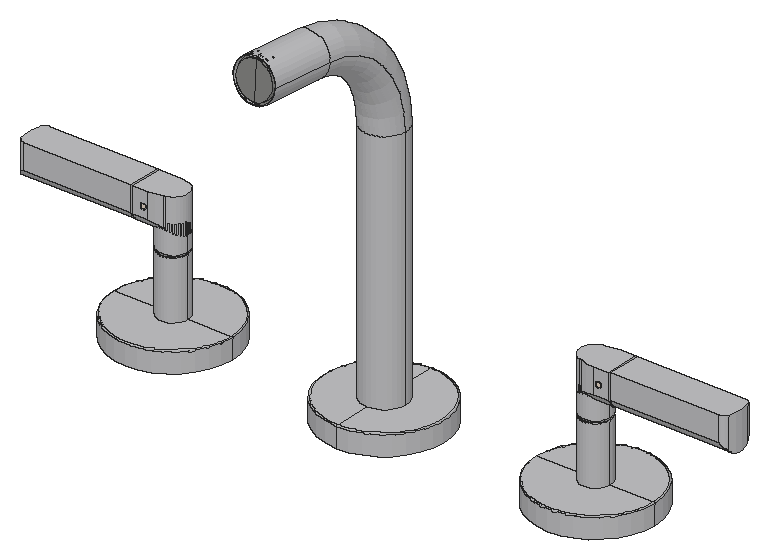
Revit family "Faucet-Wall_Mount-Lavatory-KALLISTA-One_Nazare-P23347", category Plumbing Fixtures, host Face, Revit 2022
Family settings
  Host = Face
  Round Connector Dimension = Use Diameter
  Part Type = Normal
  OmniClass Number = 23.31.11.00
  OmniClass Title = Faucets
  Cut with Voids When Loaded = No
  Maintain Annotation Orientation = No
  Shared = No
  Room Calculation Point = No
Parameters (values of type "CP-Chrome")
  Width [instance] = Faucet Hole Spacing  # 8"
  WaterSense Certified = 1 = 0  # no
  Waste Water Outlet = "Waste Water Outlet"  # constant formula
  Waste Connection = 1 = 0  # no
  Vent Connection = 1 = 0  # no
  URL = "https://www.kallista.com/"
  Type = 1
  Spout Reach = Length  # 7.09843"
  Product Page URL = ""
  Product Name = "ONE NAZARE"  # constant formula
  Product Documentation Link = ""
  Pressure = 60.00 psi  # constant formula
  Model = if(Type = 1, "P23347-LV-CP", if(Type = 2, "P23347-LV-SN", "NA"))  # "P23347-LV-CP"
  Material = "Premium Metal Construction"  # constant formula
  Master Format 2014 Name = "Residential Faucets, Supplies, and Trim"  # constant formula
  Master Format 2014 = "22 41 39"  # constant formula
  Manufacturer Address = "444 Highland Dr, Kohler, WI 53044"  # constant formula
  Manufacturer = "KALLISTA Co."  # constant formula
  Length = 7.09843"  # constant formula
  Hot Water Inlet = "Hot Water Inlet"  # constant formula
  Height = 2.25197"  # constant formula
  Handle Clearance = 2.74016"  # constant formula
  HW Connection = 1 = 1  # yes
  Flow Rate = 1.2 GPM  # constant formula
  Finish = Kallista-Metal-CP-Chrome
  Faucet Hole Spacing [instance] = 8"
  Environmental Product Declaration = ""
  Drain Included = 1 = 1  # yes
  Description = "Wall Mount Sink faucet"  # constant formula
  Default Elevation = 36"
  Declare Label = ""
  Date Modified = "01/05/2022"  # constant formula
  Date Created = "01/05/2022"  # constant formula
  Copyright = "Copyright KALLISTA Co."  # constant formula
  Contact Us = "https://www.kallista.com/corporate/contact-us/"
  Cold Water Inlet = "Cold Water Inlet"  # constant formula
  CW Connection = 1 = 1  # yes
  Assembly Code = "D2010"
  ADA Compliant = 1 = 0  # no
Types (3): name | Type | Model | Finish
  (no name) | 1 | "P23347-LV-CP" | Kallista-Metal-CP-Chrome
  CP-Chrome | 1 | "P23347-LV-CP" | Kallista-Metal-CP-Chrome
  SN-Polished Nickel | 2 | "P23347-LV-SN" | Kallista-Metal-SN-Polished_Nickel
Reference planes (in)
  plane 1 "Center (Front/Back)": y = 0
  plane 2: z = 0
  plane 3 "Center (Left/Right)": x = 0
  plane 4: x = -4
  plane 5: x = 4
  plane 6: y = 1.12598
  plane 7: y = -1.12598
  plane 8: x = 5.12598
  plane 9: x = 2.87402
  plane 10: x = -6.74016
  plane 11: z = 2.52
  plane 12: z = 1.81
  plane 13: z = 0.3937
  plane 14: x = -5.12598
  plane 15: x = -2.87402
  plane 16: x = 6.74016
  plane 17: y = -3.07
  plane 18: x = 1.12598
  plane 19: x = -1.12598
  plane 20: z = 7.5
  plane 21: z = 7.09843
Dimensions and locks (in)
  equal spacing: plane 4, plane 3 "Center (Left/Right)", plane 5
  "Width": plane 4 to plane 5
  plane 9 to plane 5 = 1.12598"
  plane 5 to plane 8 = 1.12598"
  plane 4 to plane 15 = 1.12598"
  plane 14 to plane 4 = 1.12598"
  "Handle Clearance": plane 4 to plane 10
  "Handle Clearance": plane 5 to plane 16
  "Height": plane 7 to plane 6
  plane 1 "Center (Front/Back)" to plane 17 = 3.07"
  "Length": plane 21 to level
  aligned and locked: plane 2 to host face
  aligned and locked: level to host face
  aligned and locked: plane 4 to nested 1  (x2)
  aligned and locked: nested 2 to plane 5  (x2)
  aligned and locked: plane 3 "Center (Left/Right)" to nested 3
Automatic sketch dimensions
  host sketch curve to host sketch curve = 96"  (x2)
Nested families (in)
  nested 1: "P23347_Handle" at (-4, 0, 0), type "P23347_Handle"
  nested 2: "P23347_Handle" at (4, 0, 0) x (-1, 0, 0) z (0, 0, 1), type "P23347_Handle"
  nested 3: "P23347_Spout" at (0, 0, 0), type "P23347_Spout"
Connectors (in)
  piping at (4, 0, 0), diameter 0.5, driven by "Flow Rate", driven by "Pressure", driven by "CW Connection", driven by "Cold Water Inlet"
    settings: on nested 2, index 1, connector inside diameter 24", connector length 0", flow factor 0, pipe flow 1.2 GPM, pressure drop 60.00 psi, fitting loss kfactor 0, connector angle 0.00°, fixture units 0, engagement length 0", angle of deflection 0.00°, flow configuration 1, flow direction 1, fitting loss method 4, system type 20, joint type 0, gender type 0, connector reference index -1, connector utility 1, adjustable connector no, is connector primary yes, connector description "Cold Water Inlet"
  piping at (-4, 0, 0), diameter 0.5, driven by "Flow Rate", driven by "Pressure", driven by "HW Connection", driven by "Hot Water Inlet"
    settings: on nested 1, index 3, connector inside diameter 24", connector length 0", flow factor 0, pipe flow 1.2 GPM, pressure drop 60.00 psi, fitting loss kfactor 0, connector angle 0.00°, fixture units 0, engagement length 0", angle of deflection 0.00°, flow configuration 1, flow direction 1, fitting loss method 4, system type 19, joint type 0, gender type 0, connector reference index -1, connector utility 1, adjustable connector no, is connector primary no, connector description "Hot Water Inlet"
Definition of nested family "P23347_Handle"
  Parameters (values of type "P23347_Handle")
    Material = none
    Default Elevation = 48"
  Reference planes (in)
    plane 1 "Center (Front/Back)": y = 0
    plane 2: z = 0
    plane 3 "Center (Left/Right)": x = 0
    plane 4: y = 1.12598
    plane 5: x = -1.12598
    plane 6: z = 2.52
    plane 7: z = 1.81
    plane 8: z = 0.3937
    plane 9: x = -2.74
    plane 10: x = 0
    plane 11: y = -1.12598
    plane 12: x = 1.12598
    plane 13: z = 1.51
  Forms (in)
    Revolve 1, solid, material <- "Material"
      sketch origin (0, 0, 0) x (1, 0, 0) y (0, 0, 1)
        loop
          line (0, 0) -> (0, 2.07226) -> (-0.27976, 2.07226) -> (-0.27976, 1.52969)
          arc (-0.27976, 1.52969) -> (-0.27399, 1.51577) -> (-0.26007, 1.51) r 0.01969
          arc (-0.26007, 1.51) -> (-0.27399, 1.50423) -> (-0.27976, 1.49031) r 0.01969
          line (-0.27976, 1.49031) -> (-0.27976, 0.3937) -> (-1.1063, 0.3937)
          arc (-1.1063, 0.3937) -> (-1.12022, 0.38794) -> (-1.12598, 0.37402) r 0.01969
          line (-1.12598, 0.37402) -> (-1.12598, 0) -> (0, 0)
        axis (0, 0) -> (0, 2.07226)
      angle from 0 to 360
    Extrusion 2, solid, material <- "Material", detail levels medium+fine
      sketch origin (0, 0, 0) x (1, 0, 0) y (0, 1, 0)
        loop
          circle (0, 0) r 0.25
      from 0 to 0.07874
    Extrusion 3, solid, material <- "Material", detail levels medium+fine
      sketch origin (0, 0, 0) x (1, 0, 0) y (0, 1, 0)
        loop
          arc (0.07816, 0.26862) -> (0.06077, 0.27359) -> (0.04333, 0.27838) r 1.85399
          arc (0.04333, 0.27838) -> (-0.08736, 0.30457) -> (-0.22036, 0.31335) r 1.01181
          line (-0.22036, 0.31335) -> (-2.58143, 0.31335)
          arc (-2.58143, 0.31335) -> (-2.66037, 0.28717) -> (-2.70802, 0.21902) r 0.1321
          arc (-2.70802, 0.21902) -> (-2.74, 0.00079) -> (-2.70847, -0.2175) r 0.76598
          arc (-2.70847, -0.2175) -> (-2.66022, -0.28674) -> (-2.58012, -0.31335) r 0.13386
          line (-2.58012, -0.31335) -> (-0.22036, -0.31335)
          arc (-0.22036, -0.31335) -> (-0.08736, -0.30457) -> (0.04333, -0.27838) r 1.01181
          arc (0.04333, -0.27838) -> (0.06077, -0.27359) -> (0.07816, -0.26862) r 1.85399
          arc (0.07816, -0.26862) -> (0.27976, 0) -> (0.07816, 0.26862) r 0.27976
      from 1.81 to 2.52
    Extrusion 4, void
      sketch origin (0, 0, 0) x (0, 1, 0) y (0, 0, 1)
        loop
          line (0.43044, 2.15052) -> (0.33619, 2.15052)
          arc (0.33619, 2.15052) -> (0.27495, 1.97059) -> (0.12815, 1.84986) r 0.34721
          arc (0.12815, 1.84986) -> (0, 1.82315) -> (-0.12815, 1.84986) r 0.32074
          arc (-0.12815, 1.84986) -> (-0.27495, 1.97059) -> (-0.33619, 2.15052) r 0.34721
          line (-0.33619, 2.15052) -> (-0.43044, 2.15052) -> (-0.43044, 1.71114) -> (0.43044, 1.71114) -> (0.43044, 2.15052)
      from -2.96352 to 0.54766
    Extrusion 5, void
      sketch origin (0, 0, 0) x (0, 1, 0) y (0, 0, 1)
        loop
          line (0.35272, 2.55937) -> (-0.35272, 2.55937) -> (-0.35272, 2.036)
          arc (-0.35272, 2.036) -> (-0.26687, 1.89895) -> (-0.13246, 1.80901) r 0.38658
          spline (-0.13246, 1.80901) -> (-0.11127, 1.80135) -> (-0.0896, 1.79504) -> (-0.06754, 1.7901) -> (-0.04519, 1.78655) -> (-0.02264, 1.78441) -> (0, 1.78369) -> (0.02265, 1.78441) -> (0.04519, 1.78655) -> (0.06754, 1.7901) -> (0.0896, 1.79504) -> (0.11128, 1.80135) -> (0.13246, 1.80901)
          arc (0.13246, 1.80901) -> (0.26687, 1.89895) -> (0.35272, 2.036) r 0.38658
          line (0.35272, 2.036) -> (0.35272, 2.55937)
        loop
          line (0.27398, 2.48063) -> (-0.27398, 2.48063) -> (-0.27398, 2.0507)
          arc (-0.27398, 2.0507) -> (-0.20575, 1.94914) -> (-0.10336, 1.88217) r 0.30784
          spline (-0.10336, 1.88217) -> (-0.08689, 1.87622) -> (-0.07001, 1.8713) -> (-0.0528, 1.86745) -> (-0.03534, 1.86468) -> (-0.01771, 1.863) -> (0, 1.86243) -> (0.01771, 1.863) -> (0.03534, 1.86468) -> (0.0528, 1.86745) -> (0.07001, 1.87131) -> (0.08689, 1.87622) -> (0.10336, 1.88217)
          arc (0.10336, 1.88217) -> (0.20575, 1.94914) -> (0.27398, 2.0507) r 0.30784
          line (0.27398, 2.0507) -> (0.27398, 2.48063)
      from -0.54223 to -0.51098
    Extrusion 6, void
      sketch origin (0, 0, 0) x (1, 0, 0) y (0, 0, 1)
        loop
          circle (-0.31133, 2.24331) r 0.05906
      from 0.3062 to 0.37148
    Extrusion 7, void
      sketch origin (0, 0, 0) x (1, 0, 0) y (0, 0, -1)
        loop
          circle (-0.31133, -2.24331) r 0.05906
      from 0.3062 to 0.37148
    Extrusion 8, solid, material <- "Material", detail levels coarse
      sketch origin (0, 0, 0) x (1, 0, 0) y (0, 1, 0)
        loop
          line (-0.02478, 0.31335) -> (-2.67298, 0.31335)
          arc (-2.67298, 0.31335) -> (-2.74, 0.00087) -> (-2.67368, -0.31176) r 0.76598
          line (-2.67368, -0.31176) -> (-0.02478, -0.31176)
          arc (-0.02478, -0.31176) -> (0.28777, 0.00079) -> (-0.02478, 0.31335) r 0.31256
      from 1.78015 to 2.52
    Extrusion 9, solid, detail levels medium+fine
      sketch origin (0, 0, 0) x (1, 0, 0) y (0, 0, 1)
        loop
          circle (-0.31133, 2.24331) r 0.04997
      from 0.28729 to 0.31176
    Extrusion 10, solid, detail levels medium+fine
      sketch origin (0, 0, 0) x (1, 0, 0) y (0, 0, -1)
        loop
          circle (-0.31133, -2.24331) r 0.04997
      from 0.28729 to 0.31176
  Cuts and joins
    Extrusion 4, Extrusion 5, Extrusion 6, Extrusion 7 cuts Extrusion 3
  Lines and regions (in)
    Masking region 1
      outline origin (0, 0, 0) x (1, 0, 0) y (0, 1, 0)
        loop
          line (-1.08151, 0.31335) -> (-2.58143, 0.31335)
          arc (-2.58143, 0.31335) -> (-2.66037, 0.28717) -> (-2.70802, 0.21902) r 0.1321
          arc (-2.70802, 0.21902) -> (-2.74, 0.00079) -> (-2.70847, -0.2175) r 0.76598
          arc (-2.70847, -0.2175) -> (-2.66022, -0.28674) -> (-2.58012, -0.31335) r 0.13386
          line (-2.58012, -0.31335) -> (-1.08151, -0.31335)
          arc (-1.08151, -0.31335) -> (1.12598, 0) -> (-1.08151, 0.31335) r 1.12598
    Masking region 2
      outline origin (0, 0, 0) x (1, 0, 0) y (0, 0, 1)
        loop
          line (-1.12598, 0.37402) -> (-1.12598, 0) -> (1.12598, 0) -> (1.12598, 0.37402)
          arc (1.12598, 0.37402) -> (1.12022, 0.38794) -> (1.1063, 0.3937) r 0.01969
          line (1.1063, 0.3937) -> (0.28001, 0.3937) -> (0.28001, 1.49031)
          arc (0.28001, 1.49031) -> (0.27425, 1.50423) -> (0.26033, 1.51) r 0.01969
          arc (0.26033, 1.51) -> (0.27425, 1.51577) -> (0.28001, 1.52969) r 0.01969
          line (0.28001, 1.52969) -> (0.28001, 2.48063)
          arc (0.28001, 2.48063) -> (0.26848, 2.50847) -> (0.24064, 2.52) r 0.03937
          line (0.24064, 2.52) -> (-0.51098, 2.52) -> (-0.51098, 2.48063) -> (-0.54223, 2.48063) -> (-0.54223, 2.52) -> (-2.70018, 2.52)
          arc (-2.70018, 2.52) -> (-2.72834, 2.50834) -> (-2.74, 2.48018) r 0.03982
          line (-2.74, 2.48018) -> (-2.74, 2.24507)
          arc (-2.74, 2.24507) -> (-2.73187, 2.10215) -> (-2.70758, 1.96108) r 1.26022
          arc (-2.70758, 1.96108) -> (-2.64894, 1.86024) -> (-2.54367, 1.81) r 0.19774
          line (-2.54367, 1.81) -> (-0.54223, 1.81) -> (-0.54223, 1.86323) -> (-0.51098, 1.86323) -> (-0.51098, 1.81) -> (-0.47002, 1.81)
          arc (-0.47002, 1.81) -> (-0.33566, 1.75435) -> (-0.28001, 1.62) r 0.19
          line (-0.28001, 1.62) -> (-0.28001, 1.52969)
          arc (-0.28001, 1.52969) -> (-0.27425, 1.51577) -> (-0.26033, 1.51) r 0.01969
          arc (-0.26033, 1.51) -> (-0.27425, 1.50423) -> (-0.28001, 1.49031) r 0.01969
          line (-0.28001, 1.49031) -> (-0.28001, 0.3937) -> (-1.1063, 0.3937)
          arc (-1.1063, 0.3937) -> (-1.12022, 0.38794) -> (-1.12598, 0.37402) r 0.01969
    Masking region 3
      outline origin (0, 0, 0) x (0, 1, 0) y (0, 0, 1)
        loop
          line (0.31335, 2.14167) -> (0.31335, 2.48063)
          arc (0.31335, 2.48063) -> (0.30182, 2.50847) -> (0.27398, 2.52) r 0.03937
          line (0.27398, 2.52) -> (-0.27398, 2.52)
          arc (-0.27398, 2.52) -> (-0.30182, 2.50847) -> (-0.31335, 2.48063) r 0.03937
          line (-0.31335, 2.48063) -> (-0.31335, 2.14167)
          arc (-0.31335, 2.14167) -> (-0.30994, 2.07521) -> (-0.30272, 2.00906) r 1.15753
          arc (-0.30272, 2.00906) -> (-0.2855, 1.84271) -> (-0.27976, 1.67558) r 2.4333
          line (-0.27976, 1.67558) -> (-0.27976, 1.52969)
          arc (-0.27976, 1.52969) -> (-0.27399, 1.51577) -> (-0.26007, 1.51) r 0.01969
          arc (-0.26007, 1.51) -> (-0.27399, 1.50423) -> (-0.27976, 1.49031) r 0.01969
          line (-0.27976, 1.49031) -> (-0.27976, 0.3937) -> (-1.1063, 0.3937)
          arc (-1.1063, 0.3937) -> (-1.12022, 0.38794) -> (-1.12598, 0.37402) r 0.01969
          line (-1.12598, 0.37402) -> (-1.12598, 0) -> (1.12598, 0) -> (1.12598, 0.37402)
          arc (1.12598, 0.37402) -> (1.12022, 0.38794) -> (1.1063, 0.3937) r 0.01969
          line (1.1063, 0.3937) -> (0.27976, 0.3937) -> (0.27976, 1.49031)
          arc (0.27976, 1.49031) -> (0.27399, 1.50423) -> (0.26007, 1.51) r 0.01969
          arc (0.26007, 1.51) -> (0.27399, 1.51577) -> (0.27976, 1.52969) r 0.01969
          line (0.27976, 1.52969) -> (0.27976, 1.67558)
          arc (0.27976, 1.67558) -> (0.2855, 1.84271) -> (0.30272, 2.00906) r 2.4333
          arc (0.30272, 2.00906) -> (0.30994, 2.07521) -> (0.31335, 2.14167) r 1.15753
    symbolic lines, detail levels medium+fine
      curve 1: line (-1.08151, -0.31335, 0) -> (-0.54223, -0.31335, 0)
      curve 2: line (-0.22036, 0.31335, 0) -> (-0.51098, 0.31335, 0)
      curve 3: line (-0.54223, 0.31335, 0) -> (-0.54223, -0.31335, 0)
      curve 4: line (-0.51098, -0.31335, 0) -> (-0.51098, 0.31335, 0)
      curve 5: line (-0.54223, 0.27398, 0) -> (-0.51098, 0.27398, 0)
      curve 6: line (-0.51098, -0.27398, 0) -> (-0.54223, -0.27398, 0)
      curve 7: arc (0.04333, 0.27838, 0) -> (-0.08736, 0.30457, 0) -> (-0.22036, 0.31335, 0) r 1.01181
      curve 8: arc (0.07816, -0.26862, 0) -> (0.27976, 0, 0) -> (0.07816, 0.26862, 0) r 0.27976
      curve 9: arc (0.04333, -0.27838, 0) -> (0.06077, -0.27359, 0) -> (0.07816, -0.26862, 0) r 1.85399
      curve 10: arc (-0.22036, -0.31335, 0) -> (-0.08736, -0.30457, 0) -> (0.04333, -0.27838, 0) r 1.01181
      curve 11: arc (0.07816, 0.26862, 0) -> (0.06077, 0.27359, 0) -> (0.04333, 0.27838, 0) r 1.85399
      curve 12: line (-0.54223, 0, 2.48063) -> (-0.54223, 0, 1.81)
      curve 13: line (-0.51098, 0, 2.48063) -> (-0.51098, 0, 1.86323)
      curve 14: line (-0.26007, 0, 1.51) -> (0.26007, 0, 1.51)
      curve 15: line (-0.28001, 0, 1.52969) -> (0.28001, 0, 1.52969)
      curve 16: line (-0.28001, 0, 1.49031) -> (0.28001, 0, 1.49031)
      curve 17: line (-0.28001, 0, 0.3937) -> (0.28001, 0, 0.3937)
      curve 18: circle (-0.31133, 0, 2.24331) r 0.05906 normal (0, -1, 0)
      curve 19: circle (-0.31133, 0, 2.24331) r 0.04997 normal (0, 1, 0)
      curve 20: line (0, 0.27976, 0.3937) -> (0, -0.27976, 0.3937)
      curve 21: line (0, 0.26007, 1.51) -> (0, -0.26007, 1.51)
      curve 22: line (0, 0.27976, 1.49031) -> (0, -0.27976, 1.49031)
      curve 23: line (0, 0.27976, 1.52969) -> (0, -0.27976, 1.52969)
      curve 24: arc (0, 0.12815, 1.84986) -> (0, 0, 1.82315) -> (0, -0.12815, 1.84986) r 0.32074
      curve 25: arc (0, -0.12815, 1.84986) -> (0, -0.20022, 1.89225) -> (0, -0.26007, 1.95065) r 0.34721
      curve 26: arc (0, 0.26007, 1.95065) -> (0, 0.20022, 1.89225) -> (0, 0.12815, 1.84986) r 0.34721
      curve 27: arc (0, 0.31224, 2.11072) -> (0, 0.3008, 2.02592) -> (0, 0.26007, 1.95065) r 0.23775
      curve 28: arc (0, -0.31224, 2.11072) -> (0, -0.3008, 2.02592) -> (0, -0.26007, 1.95065) r 0.23775
      curve 29: arc (0, -0.23376, 2.09958) -> (0, -0.22474, 2.04679) -> (0, -0.1987, 1.99998) r 0.15901
      curve 30: arc (0, -0.1987, 1.99998) -> (0, -0.15242, 1.95482) -> (0, -0.09669, 1.92204) r 0.26847
      curve 31: arc (0, -0.09669, 1.92204) -> (0, 0, 1.90189) -> (0, 0.09669, 1.92204) r 0.242
      curve 32: arc (0, 0.09669, 1.92204) -> (0, 0.15242, 1.95482) -> (0, 0.1987, 1.99998) r 0.26847
      curve 33: arc (0, 0.1987, 1.99998) -> (0, 0.22474, 2.04679) -> (0, 0.23376, 2.09958) r 0.15901
      curve 34: line (0, 0.23461, 2.09958) -> (0, 0.23461, 2.46094)
      curve 35: line (0, 0.31335, 2.48063) -> (0, -0.31335, 2.48063)
      curve 36: line (0, -0.23461, 2.46094) -> (0, -0.23461, 2.09958)
      curve 37: arc (0, 0.23461, 2.46094) -> (0, 0.22884, 2.47486) -> (0, 0.21492, 2.48063) r 0.01969
      curve 38: arc (0, -0.21492, 2.48063) -> (0, -0.22884, 2.47486) -> (0, -0.23461, 2.46094) r 0.01969
      curve 39: arc (-2.43476, 0, 1.89458) -> (-1.60569, 0, 1.88482) -> (-0.77661, 0, 1.89458) r 35.22615
      curve 40: arc (-2.72015, 0, 2.02229) -> (-2.59031, 0, 1.92971) -> (-2.43476, 0, 1.89458) r 0.40409
      curve 41: arc (-0.77661, 0, 1.89458) -> (-0.65918, 0, 1.89285) -> (-0.54223, 0, 1.88217) r 1.53709
      curve 42: line (-0.51098, 0, 1.88217) -> (-0.44132, 0, 1.88217)
      curve 43: arc (-0.44132, 0, 1.88217) -> (-0.297, 0, 1.83146) -> (-0.21613, 0, 1.70161) r 0.2307
      curve 44: arc (-0.21613, 0, 1.70161) -> (-0.20297, 0, 1.61614) -> (-0.20122, 0, 1.52969) r 0.65267
      curve 45: arc (-2.43291, 0, 1.9733) -> (-1.60569, 0, 1.96356) -> (-0.77846, 0, 1.9733) r 35.14741
      curve 46: arc (-0.77846, 0, 1.9733) -> (-0.66013, 0, 1.97175) -> (-0.54223, 0, 1.96154) r 1.61583
      curve 47: line (-0.51098, 0, 1.96091) -> (-0.44132, 0, 1.96091)
      curve 48: arc (-0.44132, 0, 1.96091) -> (-0.24774, 0, 1.89289) -> (-0.13927, 0, 1.71872) r 0.30944
      curve 49: arc (-0.13927, 0, 1.71872) -> (-0.12452, 0, 1.62294) -> (-0.12257, 0, 1.52606) r 0.73141
      curve 50: arc (-2.73482, 0, 2.13091) -> (-2.60222, 0, 2.01695) -> (-2.43291, 0, 1.9733) r 0.38544
      curve 51: line (-0.54223, 0.31335, 0) -> (-1.08151, 0.31335, 0)
      curve 52: line (-0.51098, -0.31335, 0) -> (-0.22036, -0.31335, 0)
      curve 53: line (-2.58088, 0.28542, 0) -> (-0.54223, 0.28542, 0)
      curve 54: arc (-2.65865, 0.23648, 0) -> (-2.69885, 0.12126, 0) -> (-2.71247, 0, 0) r 0.54646
      curve 55: arc (-2.58088, 0.28542, 0) -> (-2.62683, 0.27216, 0) -> (-2.65865, 0.23648, 0) r 0.08627
      curve 56: line (-2.58088, -0.28542, 0) -> (-0.54223, -0.28542, 0)
      curve 57: arc (-2.65865, -0.23648, 0) -> (-2.69885, -0.12126, 0) -> (-2.71247, 0, 0) r 0.54646
      curve 58: arc (-2.58088, -0.28542, 0) -> (-2.62683, -0.27216, 0) -> (-2.65865, -0.23648, 0) r 0.08627
      curve 59: line (-0.51098, 0.28642, 0) -> (-0.25688, 0.28642, 0)
      curve 60: arc (-0.25688, 0.28642, 0) -> (-0.10302, 0.27847, 0) -> (0.04921, 0.25472, 0) r 1.49396
      curve 61: line (-0.51098, -0.28642, 0) -> (-0.25688, -0.28642, 0)
      curve 62: arc (-0.25688, -0.28642, 0) -> (-0.10302, -0.27847, 0) -> (0.04921, -0.25472, 0) r 1.49396
      curve 63: arc (0.04921, 0.25472, 0) -> (0.25614, 0, 0) -> (0.04921, -0.25472, 0) r 0.26024
      curve 64: arc (-1.05357, -0.31335, 0) -> (1.09918, 0, 0) -> (-1.05357, 0.31335, 0) r 1.09918
      curve 65: line (-0.17208, 0, 2.52) -> (-0.24885, 0, 1.89377)
      curve 66: arc (-0.24885, 0, 1.89377) -> (-0.26974, 0, 1.80425) -> (-0.30923, 0, 1.72124) r 0.42894
      curve 67: line (-0.17208, 0.28401, 0) -> (-0.18873, 0.31285, 0)
      curve 68: line (-0.17208, -0.28401, 0) -> (-0.18873, -0.31285, 0)
  Dimensions and locks (in)
    plane 9 to plane 3 "Center (Left/Right)" = 2.74"
    plane 8 to level = 0.3937"
    plane 7 to level = 1.81"
    plane 6 to level = 2.52"
    plane 4 to plane 1 "Center (Front/Back)" = 1.12598"
    aligned and locked: level to plane 2
Definition of nested family "P23347_Spout"
  Parameters (values of type "P23347_Spout")
    Material = none
    Default Elevation = 48"
  Reference planes (in)
    plane 1 "Center (Front/Back)": y = 0
    plane 2: z = 0
    plane 3 "Center (Left/Right)": x = 0
    plane 4: y = 1.12598
    plane 5: x = 1.12598
    plane 6: z = 7.5
    plane 7: z = 7.1
    plane 8: y = -3.07
    plane 9: z = 0.3937
    plane 10: y = -1.12598
    plane 11: x = -1.12598
    plane 12: z = 7.3909
  Forms (in)
    Sweep 1, solid, material <- "Material", detail levels medium+fine
      path origin (0, -0.07639, -0.02763) x (0, 1, 0) y (0, 0, 1)
        loop
          line (-2.99361, 7.12688) -> (-1.72055, 7.0155)
          arc (-1.72055, 7.0155) -> (-0.44078, 6.38439) -> (0.07639, 5.05449) r 1.9685
          line (0.07639, 5.05449) -> (0.07639, 0.42133)
      profile origin (0, 0, 2.71028) x (1, 0, 0) y (0, 1, 0)
        loop
          circle (0, 0) r 0.40551
    Revolve 2, solid, material <- "Material", detail levels medium+fine
      sketch origin (0, 0, 0) x (0, 1, 0) y (0, 0, 1)
        loop
          line (0, 0) -> (1.12598, 0) -> (1.12598, 0.37402)
          arc (1.12598, 0.37402) -> (1.12022, 0.38794) -> (1.1063, 0.3937) r 0.01969
          line (1.1063, 0.3937) -> (0, 0.3937) -> (0, 0)
        axis (0, 0) -> (0, 0.3937)
      angle from 0 to 360
    Revolve 3, solid, detail levels medium+fine
      sketch origin (0, -10.63584, 1.06448) x (0, -0.087156, -0.996195) y (0, 0.996195, -0.087156)
        loop
          line (-7.0697, 7.06736) -> (-7.01886, 7.06736) -> (-7.01886, 7.01102) -> (-6.67195, 7.01102) -> (-6.67195, 7.11826) -> (-7.0697, 7.11826) -> (-7.0697, 7.06736)
        axis (-6.67195, 7.01102) -> (-6.67195, 7.11826)
      angle from 0 to 360
    Revolve 4, void
      sketch origin (0, -10.60531, 1.05564) x (0, -0.087156, -0.996195) y (0, 0.996195, -0.087156)
        loop
          line (-7.07181, 6.97744) -> (-6.67811, 6.97744) -> (-6.67811, 7.18015) -> (-7.07181, 7.18015) -> (-7.07181, 6.97744)
        axis (-6.67811, 6.97744) -> (-6.67811, 7.18015)
      angle from 0 to 360
    Revolve 5, solid, material <- "Material", detail levels coarse
      sketch origin (0, 0, 0) x (0, 1, 0) y (0, 0, 1)
        loop
          line (0, 0) -> (1.12598, 0) -> (1.12598, 0.3937) -> (0, 0.3937) -> (0, 0)
        axis (0, 0) -> (0, 0.3937)
      angle from 0 to 360
    Sweep 6, solid, material <- "Material", detail levels coarse
      path origin (0, -0.07639, -0.02763) x (0, 1, 0) y (0, 0, 1)
        loop
          line (-2.99361, 7.12688) -> (-1.54085, 6.99978)
          arc (-1.54085, 6.99978) -> (-0.38906, 6.43178) -> (0.07639, 5.23487) r 1.77165
          line (0.07639, 5.23487) -> (0.07639, 0.42133)
      profile origin (0, 0, 2.80047) x (1, 0, 0) y (0, 1, 0)
        loop
          circle (0, 0) r 0.44094
  Cuts and joins
    Revolve 4 cuts Sweep 1
  Lines and regions (in)
    Masking region 1
      outline origin (0, 0, 0) x (1, 0, 0) y (0, 1, 0)
        loop
          arc (0.40551, -1.05043) -> (0, 1.12598) -> (-0.40551, -1.05043) r 1.12598
          line (-0.40551, -1.05043) -> (-0.40551, -3.03569)
          spline (-0.40551, -3.03569) -> (-0.39169, -3.04483) -> (-0.35118, -3.05336) -> (-0.28674, -3.06068) -> (-0.20276, -3.06629) -> (-0.10495, -3.06983) -> (0, -3.07103) -> (0.10495, -3.06983) -> (0.20276, -3.06629) -> (0.28674, -3.06068) -> (0.35118, -3.05336) -> (0.39169, -3.04483) -> (0.40551, -3.03569)
          line (0.40551, -3.03569) -> (0.40551, -1.05043)
    Masking region 2
      outline origin (0, 0, 0) x (1, 0, 0) y (0, 0, 1)
        loop
          arc (-1.10236, 0.3937) -> (-1.11907, 0.38678) -> (-1.12598, 0.37008) r 0.02362
          line (-1.12598, 0.37008) -> (-1.12598, 0) -> (1.12598, 0) -> (1.12598, 0.37008)
          arc (1.12598, 0.37008) -> (1.11907, 0.38678) -> (1.10236, 0.3937) r 0.02362
          line (1.10236, 0.3937) -> (0.41732, 0.3937) -> (0.41732, 7.08882)
          arc (0.41732, 7.08882) -> (0.00591, 7.50024) -> (-0.40551, 7.08882) r 0.41142
          line (-0.40551, 7.08882) -> (-0.40551, 0.3937) -> (-1.10236, 0.3937)
    Masking region 3
      outline origin (0, 0, 0) x (0, 1, 0) y (0, 0, 1)
        loop
          line (1.12598, 0) -> (1.12598, 0.37402)
          arc (1.12598, 0.37402) -> (1.12022, 0.38794) -> (1.1063, 0.3937) r 0.01969
          line (1.1063, 0.3937) -> (0.40551, 0.3937) -> (0.40551, 5.03768)
          arc (0.40551, 5.03768) -> (-0.21509, 6.63357) -> (-1.75081, 7.3909) r 2.3622
          line (-1.75081, 7.3909) -> (-3.03472, 7.50323) -> (-3.10541, 6.69529) -> (-1.82485, 6.58325)
          arc (-1.82485, 6.58325) -> (-0.81401, 6.08476) -> (-0.40551, 5.03432) r 1.55485
          line (-0.40551, 5.03432) -> (-0.40551, 0.3937) -> (-1.1063, 0.3937)
          arc (-1.1063, 0.3937) -> (-1.12022, 0.38794) -> (-1.12598, 0.37402) r 0.01969
          line (-1.12598, 0.37402) -> (-1.12598, 0) -> (1.12598, 0)
    symbolic lines, detail levels medium+fine
      curve 1: arc (0.40551, 0, 0) -> (0, 0.40551, 0) -> (-0.40551, 0, 0) r 0.40551
      curve 2: line (-0.40551, 0, 0) -> (-0.40551, -1.05043, 0)
      curve 3: line (0.40551, 0, 0) -> (0.40551, -1.05043, 0)
      curve 4: line (-0.40551, 0, 0.3937) -> (0.41732, 0, 0.3937)
      curve 5: line (0, 0.44094, 0.3937) -> (0, -0.44094, 0.3937)
      curve 6: spline (0.40551, -3.0402, 0) -> (0.39169, -3.03106, 0) -> (0.35118, -3.02253, 0) -> (0.28674, -3.01521, 0) -> (0.20276, -3.0096, 0) -> (0.10495, -3.00606, 0) -> (0, -3.00486, 0) -> (-0.10495, -3.00606, 0) -> (-0.20276, -3.0096, 0) -> (-0.28674, -3.01521, 0) -> (-0.35118, -3.02253, 0) -> (-0.39169, -3.03106, 0) -> (-0.40551, -3.0402, 0)
      curve 7: spline (0, -3.07452, 0) -> (-0.1019, -3.07335, 0) -> (-0.19685, -3.06992, 0) -> (-0.27839, -3.06447, 0) -> (-0.34095, -3.05736, 0) -> (-0.38029, -3.04908, 0) -> (-0.3937, -3.0402, 0) -> (-0.38029, -3.03132, 0) -> (-0.34095, -3.02305, 0) -> (-0.27839, -3.01594, 0) -> (-0.19685, -3.01049, 0) -> (-0.1019, -3.00706, 0) -> (0, -3.00589, 0)
      curve 8: spline (0, -3.00589, 0) -> (0.1019, -3.00706, 0) -> (0.19685, -3.01049, 0) -> (0.27839, -3.01594, 0) -> (0.34095, -3.02305, 0) -> (0.38029, -3.03132, 0) -> (0.3937, -3.0402, 0) -> (0.38029, -3.04908, 0) -> (0.34095, -3.05736, 0) -> (0.27839, -3.06447, 0) -> (0.19685, -3.06992, 0) -> (0.1019, -3.07335, 0) -> (0, -3.07452, 0)
      curve 9: line (0, -1.75081, 7.3909) -> (0, -1.82265, 6.58306)
      curve 10: line (-0.40551, -1.75081, 0) -> (0.40551, -1.75081, 0)
      curve 11: arc (0.41732, 0, 7.03097) -> (0.27555, 0, 7.28849) -> (0, 0, 7.3909) r 0.4219
      curve 12: arc (-0.41732, 0, 7.03097) -> (-0.27555, 0, 7.28849) -> (0, 0, 7.3909) r 0.4219
  Dimensions and locks (in)
    plane 7 to level = 7.1"
    plane 6 to level = 7 1/2"
    plane 1 "Center (Front/Back)" to plane 8 = 3.07"
    aligned and locked: level to plane 2
